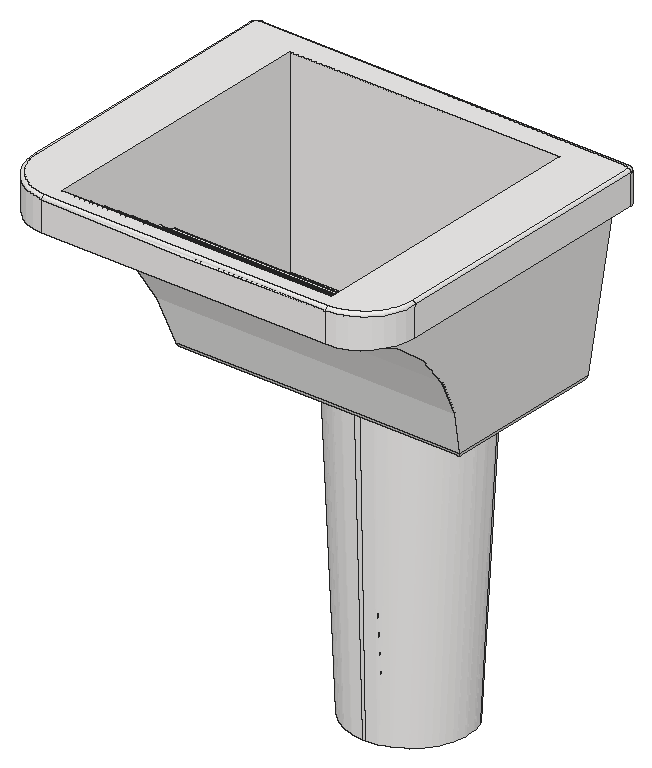
Revit family "OK-Celite_Tanque 38 Litros Grande_51266", category Plumbing Fixtures, Revit 2014
Parameters (values of type "Branco - 51266")
  Ângulo [instance] = if(Saida de esgoto na parede, 90.00°, 0.00°)  # 90.00°
  WFU = 2
  Type Comments = ""
  Saida de esgoto na parede [instance] = yes
  Raio Ponto de Esgoto = 20 mm
  Place on face [instance] = 1 = 0  # no
  Outros Complementos [instance] = "Sifão para tanque 1.1⁄4”x 1.1⁄2” e tubo de 200 mm (B5005C5CRB) + Válvula de escoamento para lavatório, 1\" sem ladrão com tampa plástica (B5828C5CR3), linha Complementos - Metais Celite"
  Louças [instance] = Celite - Louça_Branca
  Desnível Aux. Ponto de Esgoto [instance] = 50 mm
  HWFU = 0
  Diâmetro Ponto de Esgoto = Raio Ponto de Esgoto * 2  # 40 mm
  Distância Parede [instance] = 0 mm
  Tipo de Sifão [instance] = Celite_Complementos_Sifão de Uso Geral : Sifão para lavatório - B5816C5CRB
  Complemento Celite [instance] = yes
  URL = "http://www.celite.com.br"
  Selo de Qualidade ofcdesk = "Standard"  # constant formula
  Model = Celite: Código  # "51266"
  Metais [instance] = Celite - Cromado
  Manufacturer = Celite: Fabricante  # "Celite"
  Elevação somente no plano [instance] = 515 mm
  Description = Celite: Descrição  # "Tanque grande para capacidade de 38 litros, cor branca (51266), com coluna, linha Tanques - Louças Celite"
  Default Elevation = 0 mm
  Desenvolvido por = "ofcdesk"  # constant formula
  Com Válvula (quantificável) [instance] = yes
  Com Sifão (quantificável) [instance] = Saida de esgoto na parede  # yes
  Celite: Versão = "Autodesk Revit MEP 2014"  # constant formula
  Celite: Vazão de Esgoto [instance] = 0.0 L/s
  Celite: Tipo = "Tanques"  # constant formula
  Celite: Produto = "Louças"  # constant formula
  Celite: Norma = "ABNT NBR 15097-1: 2011 - Requisitos e métodos de ensaio"
  Celite: Link do Produto = "http://www.celite.com.br/pt/produtos/categoria/1/tipo/2/"
  Celite: Linha = "Tanques"  # constant formula
  Celite: Informações Técnicas [instance] = "N/A"
  Celite: Informações Gerais [instance] = "N/A"
  Celite: Fabricante = "Celite"  # constant formula
  Celite: Desenho Técnico = "http://www.celite.com.br/media/uploads/desenhos_tecnicos/51266_-_TANQUE_G__38_L_-_CATALOGO.pdf"
  Celite: Descrição = "Tanque grande para capacidade de 38 litros, cor branca (51266), com coluna, linha Tanques - Louças Celite"
  Celite: Código = "51266"
  Celite: Cores Disponíveis = "Branco"
  Celite: Copyright © = "© 2014 Celite"  # constant formula
  Celite: Complementos [instance] = if(Complemento Celite, Outros Complementos, "N/A")  # "Sifão para tanque 1.1⁄4”x 1.1⁄2” e tubo de 200 mm (B5005C5CRB) + Válvula de escoamento para lavatório, 1\" sem ladrão com tampa plástica (B5828C5CR3), linha Complementos - Metais Celite"
  Celite: Categoria = "Tanques"  # constant formula
  Celite: Altura da Peça [instance] = Elevação somente no plano  # 515 mm
  Celite: Altura Ponto de Esgoto [instance] = Altura Ponto de Esgoto  # 450 mm
  CWFU = 0
  Assembly Code = "D2010400"
  Desnível Ponto de Esgoto [instance] = if(not(Place on face), Elevação somente no plano - Altura Ponto de Esgoto, Desnível Aux. Ponto de Esgoto)  # 65 mm
  Altura Ponto de Esgoto [instance] = 450 mm
  Ajuste do Conector [instance] = if(Ângulo = 0.00°, Celite: Altura Ponto de Esgoto, Distância Parede + Distância Parede + 90 mm)  # 90 mm
Types (3, lengths in mm): name | Louças | Description | Celite: Descrição | Celite: Cores Disponíveis
  (no name) | Celite - Louça_Branca | "Tanque grande para capacidade de 38 litros, cor branca (51266), com coluna, linha Tanques - Louças Celite" | "Tanque grande para capacidade de 38 litros, cor branca (51266), com coluna, linha Tanques - Louças Celite" | "Branco"
  Branco - 51266 | Celite - Louça_Branca | "Tanque grande para capacidade de 38 litros, cor branca (51266), com coluna, linha Tanques - Louças Celite" | "Tanque grande para capacidade de 38 litros, cor branca (51266), com coluna, linha Tanques - Louças Celite" | "Branco"
  Pergamon - 51266 | Celite - Louça_Pergamon | "Tanque grande para capacidade de 38 litros, cor pergamon (51266), com coluna, linha Tanques - Louças Celite" | "Tanque grande para capacidade de 38 litros, cor pergamon (51266), com coluna, linha Tanques - Louças Celite" | "Pergamon"
Reference planes
  plane 1 "Center (Front/Back)": y = 0
  plane 2: z = 0
  plane 3 "Center (Left/Right)": x = 0
  plane 4: z = 515
  plane 5: y = 0
  plane 6: z = 450
  plane 7: y = -104
  plane 8: y = 0
  plane 9: z = 472.424
  plane 10: z = 464.131
  plane 11: z = 534.631
  plane 12: y = -489
  plane 13: y = -30
Forms (mm)
  Sweep 1, void
    path in 3D
      loop
        line (0, -104, 450) -> (0, -14, 450)
    profile origin (0, -59, 450) x (0, 0, 1) y (1, 0, 0)
      loop
        circle (0, 0) r 20
Lines and regions (mm)
  model lines, not visible
    curve 1: line (0, -104, 450) -> (0, -14, 450)
  sketch lines
    curve 2: line (0, -104, 450) -> (0, -14, 450)
Dimensions and locks
  "Elevação somente no plano": plane 4 to plane 2
  "Distância Parede": plane 1 "Center (Front/Back)" to plane 5
  "Desnível Ponto de Esgoto": plane 4 to plane 6
  plane 11 to plane 4 to plane 9 to plane 10 = 19.631 mm locked, 42.576 mm locked, 8.293 mm locked
  "Ajuste do Conector": curve 1 to curve 1
  plane 8 to plane 13 to plane 7 to plane 12 = 30 mm locked, 74 mm locked, 385 mm locked
  "Distância Parede": plane 5 to plane 8
  "Ângulo": angle curve 1 to plane 7
  aligned and locked: level to plane 2
  aligned and locked: nested 2 to plane 7
  aligned and locked: plane 1 "Center (Front/Back)" to nested 2
  aligned and locked: plane 6 to nested 2
  aligned and locked: plane 9 to nested 2
  aligned and locked: plane 6 to curve 1
  aligned and locked: plane 7 to curve 1
  aligned and locked: plane 7 to nested 1
  aligned and locked: plane 4 to nested 4
  aligned and locked: nested 4 to plane 13
  aligned and locked: nested 3 to plane 8
Automatic sketch dimensions
  profile plane to Sweep 1 sketch curve = 0 mm
  Sweep 1 sketch curve to profile plane = 0 mm
  radius of Sweep 1 sketch curve = 20 mm
Nested families
  nested 1: "Celite_Complementos_Válvula de Escoamento" at (0, -104, 534.631), Metais <- "Metais", visible <- "Com Válvula (quantificável)", type "Válvula de escoamento para lavatório - B5828C5CR3"
    with Raio2 30 mm, Raio1 16 mm, Raio furo 15 mm, Metais Celite - Cromado, L/Rosca 58.419 mm, Comprimento 70.5 mm, Celite: Norma "ABNT NBR 15423:2006 - Requisitos e métodos de ensaio"
  nested 2: "Celite_Complementos_Sifão de Uso Geral" at (0, 0, 450), visible <- "Com Sifão (quantificável)", Metais <- "Metais", Celite: Vazão de Projeto <- "Celite: Vazão de Esgoto", type "Sifão para tanque - B5005C5CRB"
    with Raio1 16 mm, Metais Celite - Cromado, Elevação 0 mm, Celite: Vazão de Projeto 0.0 L/s, Celite: Informações Técnicas "N/A", Celite: Informações Gerais "N/A", Celite: Altura da Peça 0 mm, Ajuste Vetical no Lavatório 22.424 mm, Afastamento da Parede 104 mm
  nested 3: "51266" at (0, 0, 515) x (0, -1, 0) z (0, 0, 1), Louça <- "Louças", type "51266"
  nested 4: "Celite_Coluna para Tanque_51203" at (0, -30, 0), Louças <- "Louças", type "Branco - 51203"
    with Louças Celite - Louça_Branca, Celite: Informações Técnicas "N/A", Celite: Informações Gerais "N/A", Celite: Complementos "N/A", Altura 515 mm
Connectors
  piping at (0, -14, 450), diameter 40, driven by "Raio Ponto de Esgoto", driven by "Celite: Vazão de Esgoto", driven by "WFU"
    settings: on Sweep 1, index 1, connector inside diameter 609.6 mm, connector length 0 mm, flow factor 0, pipe flow 0.0 L/s, pressure drop 0.0 kPa, fitting loss kfactor 0, connector angle 0.00°, fixture units 2, engagement length 0 mm, angle of deflection 0.00°, flow configuration 3, flow direction 2, fitting loss method 0, system type 16, joint type 0, gender type 0, connector reference index -1, connector utility 0, adjustable connector no, is connector primary yes, connector description ""
Definition of nested family "Celite_Complementos_Válvula de Escoamento"
  Parameters (values of type "Válvula de escoamento para lavatório - B5828C5CR3")
    Waste Connection = 1 = 0  # no
    WFU = 0  # constant formula
    Vent Connection = 1 = 0  # no
    URL = "http://www.celite.com.br"
    Selo de Qualidade ofcdesk = "Standard"  # constant formula
    Raio1 [instance] = 16 mm
    Raio2 [instance] = 30 mm
    Raio furo [instance] = 15 mm
    Model = Celite: Código  # "B5828C5CR3"
    Metais [instance] = Celite - Cromado
    Manufacturer = Celite: Fabricante  # "Celite"
    L/Rosca [instance] = 59.5 mm
    HWFU = 0  # constant formula
    HW Connection = 1 = 0  # no
    Desenvolvido por = "ofcdesk"  # constant formula
    Description = Celite: Descrição  # "Válvula de escoamento para lavatório, 1\" sem ladrão com tampa plástica (B5828C5CR3), Complementos - Metais Celite"
    Default Elevation = 0 mm
    Comprimento [instance] = 70.5 mm
    Celite: Versão = "Autodesk Revit MEP 2014"  # constant formula
    Celite: Tipo = "Válvulas de escoamento"  # constant formula
    Celite: Produto = "Metais"  # constant formula
    Celite: Norma [instance] = "ABNT NBR 15423:2006 - Requisitos e métodos de ensaio"
    Celite: Link do Produto = "http://www.celite.com.br/pt/produtos/categoria/2/tipo/10/subtipo/19/"
    Celite: Linha = "Válvulas"  # constant formula
    Celite: Informações Técnicas = "N/A"
    Celite: Informações Gerais = "N/A"
    Celite: Fabricante = "Celite"  # constant formula
    Celite: Desenho Técnico = "http://www.celite.com.br/media/uploads/desenhos_tecnicos/A5828C5CR3_Valvula_de_escoamento_Lavatorio.pdf"
    Celite: Descrição = "Válvula de escoamento para lavatório, 1\" sem ladrão com tampa plástica (B5828C5CR3), Complementos - Metais Celite"
    Celite: Código = "B5828C5CR3"
    Celite: Cores Disponíveis = "Cromado"
    Celite: Copyright © = "© 2014 Celite"  # constant formula
    Celite: Categoria = "Complementos"  # constant formula
    CW Connection = 1 = 0  # no
    Assembly Code = "D2010"
  Types (5, lengths in mm): name | Raio1 | Raio2 | Raio furo | Model | L/Rosca | Description | Comprimento | Celite: Desenho Técnico | Celite: Descrição | Celite: Código
    (no name) | 16 | 30 | 15 | "B5828C5CR3" | 59.5 | "Válvula de escoamento para lavatório, 1\" sem ladrão com tampa plástica (B5828C5CR3), Complementos - Metais Celite" | 70.5 | "http://www.celite.com.br/media/uploads/desenhos_tecnicos/A5828C5CR3_Valvula_de_escoamento_Lavatorio.pdf" | "Válvula de escoamento para lavatório, 1\" sem ladrão com tampa plástica (B5828C5CR3), Complementos - Metais Celite" | "B5828C5CR3"
    Válvula de escoamento para lavatório - B5828C5CR3 | 16 | 30 | 15 | "B5828C5CR3" | 59.5 | "Válvula de escoamento para lavatório, 1\" sem ladrão com tampa plástica (B5828C5CR3), Complementos - Metais Celite" | 70.5 | "http://www.celite.com.br/media/uploads/desenhos_tecnicos/A5828C5CR3_Valvula_de_escoamento_Lavatorio.pdf" | "Válvula de escoamento para lavatório, 1\" sem ladrão com tampa plástica (B5828C5CR3), Complementos - Metais Celite" | "B5828C5CR3"
    Válvula de escoamento para tanque - B5829C5CR3 | 20 | 32.8 | 18 | "B5829C5CR3" | 57 | "Válvula de escoamento para tanque (B5829C5CR3), Complementos - Metais Celite" | 65.5 | "http://www.celite.com.br/media/uploads/desenhos_tecnicos/A5829C5CR3_Valvula_de_escoamento_Tanque.pdf" | "Válvula de escoamento para tanque (B5829C5CR3), Complementos - Metais Celite" | "B5829C5CR3"
    Válvula de escoamento para cozinha - B5830C5CRB | 25 | 44 | 25 | "B5830C5CRB" | 35 | "Válvula de escoamento para cozinha, 3.1/2\" x 1.1/2\" com cesta metal (B5830C5CRB), Complementos - Metais Celite" | 45 | "http://www.celite.com.br/media/uploads/desenhos_tecnicos/A5830C5CRB_Valvula_de_escoamento_Cozinha_3-1.2.pdf" | "Válvula de escoamento para cozinha, 3.1/2\" x 1.1/2\" com cesta metal (B5830C5CRB), Complementos - Metais Celite" | "B5830C5CRB"
    Válvula de escoamento para cozinha - B5831C5CRB | 25 | 56.5 | 30 | "B5831C5CRB" | 35 | "Válvula de escoamento para cozinha, 4.1/2\" x 1.1/2\" com cesta metal (B5831C5CRB), Complementos - Metais Celite" | 49 | "http://www.celite.com.br/media/uploads/desenhos_tecnicos/A5831C5CRB_Valvula_de_escoamento_Cozinha_4-1.2.pdf" | "Válvula de escoamento para cozinha, 4.1/2\" x 1.1/2\" com cesta metal (B5831C5CRB), Complementos - Metais Celite" | "B5831C5CRB"
  Reference planes
    plane 1 "Center (Front/Back)": y = 0
    plane 2: z = 0
    plane 3 "Center (Left/Right)": x = 0
    plane 4: z = -70.5
    plane 5: z = -11
  Forms (mm)
    Extrusion 1, solid
      sketch origin (0, 0, 0) x (1, 0, 0) y (0, 1, 0)
        loop
          line (-400, 400) -> (-400, -400.224) -> (399.59, -400.224) -> (399.59, 400) -> (-400, 400)
      from 0 to -304.8
    Revolve 2, solid, material "Celite - Cromado" <- "Metais"
      sketch origin (0, 0, 0) x (1, 0, 0) y (0, 0, 1)
        loop
          line (0, -8.185) -> (-15, -8.185) -> (-15, 1) -> (-30, 1) -> (-30, 0) -> (-16, -11) -> (-16, -70.5) -> (0, -70.5) -> (0, -8.185)
        axis (0, 1) -> (0, -70.5)
      angle from 0 to 360
  Dimensions and locks
    "Comprimento": level to plane 4
    "L/Rosca": plane 5 to plane 4
    "Raio1": plane 3 "Center (Left/Right)" to Revolve 2 sketch curve
    "Raio2": plane 3 "Center (Left/Right)" to Revolve 2 sketch curve
    locked: plane 2 to Revolve 2 sketch curve at 8.185
    "Raio furo": plane 3 "Center (Left/Right)" to Revolve 2 sketch curve
    aligned and locked: plane 2 to Extrusion 1
    aligned and locked: level to Extrusion 1
    aligned and locked: Revolve 2 sketch curve to plane 3 "Center (Left/Right)"  (x2)
    aligned and locked: plane 5 to Revolve 2 sketch curve
    aligned and locked: plane 4 to Revolve 2 sketch curve
    aligned and locked: level to Revolve 2 sketch curve
  Automatic sketch dimensions
    Extrusion 1 sketch curve to Extrusion 1 sketch curve = 799.59 mm
    Extrusion 1 sketch curve to Extrusion 1 sketch curve = 800.224 mm
    Revolve 2 sketch curve to Revolve 2 sketch curve = 1 mm
    level to Revolve 2 sketch curve = 25 mm
    Revolve 2 sketch curve to Revolve 2 sketch curve = 60 mm
Definition of nested family "Celite_Complementos_Sifão de Uso Geral"
  Parameters (values of type "Sifão para cozinha - B5817C5CRB")
    WFU = 2
    URL = "http://www.celite.com.br"
    Selo de Qualidade ofcdesk = "Standard"  # constant formula
    Raio1 [instance] = 16 mm
    Raio Ponto de Esgoto = 20 mm
    Model = Celite: Código  # "B5817C5CRB"
    Metais [instance] = Celite - Cromado
    Manufacturer = Celite: Fabricante  # "Celite"
    Elevação [instance] = 680 mm
    Diâmetro Ponto de Esgoto = Raio Ponto de Esgoto * 2  # 40 mm
    Desenvolvido por = "ofcdesk"  # constant formula
    Description = Celite: Descrição  # "Sifão para cozinha 1.1⁄2”x 1.1⁄2” com tubo de 300 mm (B5817C5CRB), linha Complementos - Metais Celite"
    Default Elevation = 0 mm
    Celite: Versão = "Autodesk Revit MEP 2014"  # constant formula
    Celite: Vazão de Projeto [instance] = 0.0 L/s
    Celite: Tipo = "Sifões"  # constant formula
    Celite: Produto = "Metais"  # constant formula
    Celite: Norma = "ABNT NBR 14162:2011 - Requisitos e métodos de ensaio"
    Celite: Link do Produto = "http://www.celite.com.br/pt/produtos/categoria/2/tipo/10/subtipo/9/"
    Celite: Linha = "Complementos"  # constant formula
    Celite: Informações Técnicas [instance] = "N/A"
    Celite: Informações Gerais [instance] = "N/A"
    Celite: Fabricante = "Celite"  # constant formula
    Celite: Desenho Técnico = "http://www.celite.com.br/media/uploads/desenhos_tecnicos/A5817C5CRB.gif"
    Celite: Descrição = "Sifão para cozinha 1.1⁄2”x 1.1⁄2” com tubo de 300 mm (B5817C5CRB), linha Complementos - Metais Celite"
    Celite: Código = "B5817C5CRB"
    Celite: Cores Disponíveis = "Cromado"
    Celite: Copyright © = "© 2014 Celite"  # constant formula
    Celite: Categoria = "Cozinhas e Lavatórios"  # constant formula
    Celite: Altura da Peça [instance] = Elevação  # 680 mm
    Assembly Code = "D2010"
    Ajuste Vetical no Lavatório [instance] = 100 mm
    Afastamento da Parede [instance] = 300 mm
  Types (6, lengths in mm): name | Raio Ponto de Esgoto | Model | Diâmetro Ponto de Esgoto | Description | Celite: Desenho Técnico | Celite: Descrição | Celite: Código
    (no name) | 20 | "B5817C5CRB" | 40 | "Sifão para cozinha 1.1⁄2”x 1.1⁄2” com tubo de 300 mm (B5817C5CRB), linha Complementos - Metais Celite" | "http://www.celite.com.br/media/uploads/desenhos_tecnicos/A5817C5CRB.gif" | "Sifão para cozinha 1.1⁄2”x 1.1⁄2” com tubo de 300 mm (B5817C5CRB), linha Complementos - Metais Celite" | "B5817C5CRB"
    Sifão para lavatório - B5816C5CRB | 20 | "B5816C5CRB" | 40 | "Sifão para lavatório 1\"x1.1⁄2\" com tubo de 300 mm (B5816C5CRB), linha Complementos - Metais Celite" | "http://www.celite.com.br/media/uploads/desenhos_tecnicos/A5816C5CRB.gif" | "Sifão para lavatório 1\"x1.1⁄2\" com tubo de 300 mm (B5816C5CRB), linha Complementos - Metais Celite" | "B5816C5CRB"
    Sifão para tanque com adaptador para 2" - B5005C5CRB | 30 | "B5005C5CRB" | 60 | "Sifão para tanque 1.1⁄4”x 1.1⁄2” com adaptador para 2” e tubo de 200 mm (B5005C5CRB), linha Complementos - Metais Celite" | "http://www.celite.com.br/media/uploads/desenhos_tecnicos/A5005C5CRB.gif" | "Sifão para tanque 1.1⁄4”x 1.1⁄2” com adaptador para 2” e tubo de 200 mm (B5005C5CRB), linha Complementos - Metais Celite" | "B5005C5CRB"
    Sifão para tanque - B5005C5CRB | 20 | "B5005C5CRB" | 40 | "Sifão para tanque 1.1⁄4”x 1.1⁄2” e tubo de 200 mm (B5005C5CRB), linha Complementos - Metais Celite" | "http://www.celite.com.br/media/uploads/desenhos_tecnicos/A5005C5CRB.gif" | "Sifão para tanque 1.1⁄4”x 1.1⁄2” e tubo de 200 mm (B5005C5CRB), linha Complementos - Metais Celite" | "B5005C5CRB"
    Sifão para cozinha com adaptador para 2" - B5817C5CRB | 30 | "B5817C5CRB" | 60 | "Sifão para cozinha 1.1⁄2”x 1.1⁄2” com adaptador para 2” e tubo de 300 mm (B5817C5CRB), linha Complementos - Metais Celite" | "http://www.celite.com.br/media/uploads/desenhos_tecnicos/A5817C5CRB.gif" | "Sifão para cozinha 1.1⁄2”x 1.1⁄2” com adaptador para 2” e tubo de 300 mm (B5817C5CRB), linha Complementos - Metais Celite" | "B5817C5CRB"
    Sifão para cozinha - B5817C5CRB | 20 | "B5817C5CRB" | 40 | "Sifão para cozinha 1.1⁄2”x 1.1⁄2” com tubo de 300 mm (B5817C5CRB), linha Complementos - Metais Celite" | "http://www.celite.com.br/media/uploads/desenhos_tecnicos/A5817C5CRB.gif" | "Sifão para cozinha 1.1⁄2”x 1.1⁄2” com tubo de 300 mm (B5817C5CRB), linha Complementos - Metais Celite" | "B5817C5CRB"
  Reference planes
    plane 1 "Center (Front/Back)": y = 0
    plane 2: z = 0
    plane 3 "Center (Left/Right)": x = 0
    plane 4: y = -300
    plane 5: z = 780
    plane 6: z = 680
  Forms (mm)
    Sweep 1, solid, material "Celite - Cromado" <- "Metais"
      path origin (0, 1442.421, 680) x (0, 1, 0) y (-1, 0, 0)
        loop
          line (-1442.421, 0) -> (-1697.421, 0)
      profile origin (0, -127.5, 680) x (1, 0, 0) y (0, 0, 1)
        loop
          circle (0, 0) r 19.05
        loop
          circle (0, 0) r 16
    Revolve 2, solid, material "Celite - Cromado" <- "Metais"
      sketch origin (0, 0, 0) x (0, 1, 0) y (0, 0, 1)
        loop
          line (-255, 680) -> (-255, 701.589)
          arc (-255, 701.589) -> (-256.067, 704.702) -> (-258.821, 706.505) r 5.073
          arc (-258.821, 706.505) -> (-261.574, 706.108) -> (-263.24, 703.88) r 3.635
          line (-263.24, 703.88) -> (-265.857, 703.88) -> (-265.857, 680) -> (-255, 680)
        axis (-265.857, 680) -> (-255, 680)
      angle from 0 to 360
    SweptBlend 3, solid, material "Celite - Cromado" <- "Metais"
      path origin (0, 0, 0) x (0, 1, 0) y (0, 0, 1)
        loop
          line (-265.857, 680) -> (-300, 680)
      profile origin (0, -265.857, 680) x (0, 0, -1) y (1, 0, 0)
        loop
          circle (0, 0) r 22.486
      end profile origin (0, -300, 680) x (0, 0, -1) y (1, 0, 0)
        loop
          circle (0, 0) r 21.589
    Revolve 4, solid, material "Celite - Cromado" <- "Metais"
      sketch origin (0, 0, 0) x (0, 1, 0) y (0, 0, 1)
        loop
          line (-300, 704.157) -> (-274.606, 704.157) -> (-274.606, 707.127)
          arc (-274.606, 707.127) -> (-274.901, 707.84) -> (-275.614, 708.135) r 1.008
          line (-275.614, 708.135) -> (-282.5, 708.135) -> (-283.521, 709.156) -> (-300, 709.156) -> (-300, 704.157)
        axis (-300, 709.156) -> (-300, 704.157)
      angle from 0 to 360
    Sweep 5, solid, material "Celite - Cromado" <- "Metais"
      path origin (0, 0, 0) x (0, 1, 0) y (0, 0, 1)
        loop
          line (-300, 709.156) -> (-300, 715.122)
      profile origin (0, -300, 712.139) x (0, -1, 0) y (1, 0, 0)
        loop
          circle (0, 0) r 16.479
    Sweep 6, solid, material "Celite - Cromado" <- "Metais"
      path origin (0, 0, 0) x (0, 1, 0) y (0, 0, 1)
        loop
          line (-300, 715.122) -> (-300, 769.613)
      profile origin (0, -300, 742.368) x (0, -1, 0) y (1, 0, 0)
        loop
          circle (0, 0) r 13
    Revolve 7, solid, material "Celite - Cromado" <- "Metais"
      sketch origin (0, 0, 0) x (0, 1, 0) y (0, 0, 1)
        loop
          line (0, 699.07) -> (0, 714.571)
          arc (0, 714.571) -> (-7.459, 714.035) -> (-14.888, 713.172) r 170.27
          arc (-14.888, 713.172) -> (-16.254, 712.452) -> (-16.959, 711.077) r 2.565
          line (-16.959, 711.077) -> (-16.959, 699.07) -> (0, 699.07)
        axis (-16.959, 680) -> (0, 680)
      angle from 0 to 360
    Sweep 8, void
      path origin (0, 1442.421, 680) x (0, 1, 0) y (-1, 0, 0)
        loop
          line (-1440.976, 0) -> (-1456.552, 0)
      profile origin (0, -6.343, 680) x (1, 0, 0) y (0, 0, 1)
        loop
          circle (0, 0) r 30
    Revolve 9, solid, material "Celite - Cromado" <- "Metais"
      sketch origin (0, 0, 0) x (0, 1, 0) y (0, 0, 1)
        loop
          line (-300, 771.707) -> (-300, 769.613) -> (-281.111, 769.613) -> (-281.111, 780) -> (-284, 780) -> (-284, 771.707) -> (-300, 771.707)
        axis (-300, 780) -> (-300, 769.613)
      angle from 0 to 360
    Revolve 10, solid, material "Celite - Cromado" <- "Metais"
      sketch origin (0, 0, 0) x (0, 1, 0) y (0, 0, 1)
        loop
          line (-300, 704.157) -> (-325.394, 704.157) -> (-334.85, 649.952)
          arc (-334.85, 649.952) -> (-333.712, 646.324) -> (-330.244, 644.765) r 4.638
          line (-330.244, 644.765) -> (-328.223, 644.765) -> (-328.223, 621.563)
          arc (-328.223, 621.563) -> (-326.054, 616.326) -> (-320.818, 614.157) r 7.405
          line (-320.818, 614.157) -> (-300, 614.157) -> (-300, 704.157)
        axis (-300, 704.157) -> (-300, 614.157)
      angle from 0 to 360
  Cuts and joins
    Sweep 8 cuts Sweep 1
    joined: Sweep 1, Revolve 2, SweptBlend 3, Revolve 4, Sweep 5, Sweep 6, Revolve 9, Revolve 10
    Sweep 8 cuts Revolve 7
  Dimensions and locks
    "Ajuste Vetical no Lavatório": plane 5 to plane 6
    "Elevação": plane 6 to level
    locked: Sweep 1 sketch curve to plane 4 at 45
    Sweep 8 sketch curve to Sweep 8 sketch curve = 15.576 mm
    Revolve 7 sketch curve to Revolve 7 sketch curve to Revolve 7 sketch curve = 14.888 mm locked, 2.071 mm locked
    locked: Revolve 9 sketch curve to Revolve 9 sketch curve at 2.889
    "Raio1": Revolve 9 sketch curve to plane 4
    plane 5 to Revolve 9 sketch curve to Revolve 9 sketch curve = 8.293 mm locked, 2.093 mm locked
    Revolve 7 sketch curve to Revolve 7 sketch curve to Revolve 7 sketch curve to Revolve 7 sketch curve to plane 6 = 1.399 mm locked, 2.095 mm locked, 12.007 mm locked, 19.07 mm locked
    "Afastamento da Parede": plane 1 "Center (Front/Back)" to plane 4
    radius of Sweep 1 sketch curve = 16 mm
    radius of Revolve 7 sketch curve = 2.565 mm
    aligned and locked: level to plane 2
    aligned and locked: plane 6 to Revolve 2 sketch curve
    aligned and locked: Revolve 2 sketch curve to plane 6
    aligned and locked: SweptBlend 3 sketch curve to plane 6
    aligned and locked: Revolve 4 sketch curve to plane 4
    aligned and locked: Sweep 5 sketch curve to plane 4
    aligned and locked: Revolve 4 to Sweep 5 sketch curve
    aligned and locked: Sweep 5 sketch curve to Revolve 4  (x2)
    aligned and locked: Sweep 5 to Sweep 6 sketch curve
    aligned and locked: Sweep 6 sketch curve to plane 4
    aligned and locked: Revolve 9 sketch curve to plane 4
    aligned and locked: plane 4 to Revolve 9 sketch curve
    aligned and locked: plane 4 to Revolve 10 sketch curve
    aligned and locked: Revolve 10 sketch curve to plane 4
    aligned and locked: plane 4 to SweptBlend 3 sketch curve
    aligned and locked: cut or joined group of Sweep 1, Revolve 2, SweptBlend 3, Revolve 4, Sweep 5, Sweep 6, Sweep 8, Revolve 9, Revolve 10 to SweptBlend 3 sketch curve
    aligned and locked: plane 6 to Sweep 8 sketch curve
    aligned and locked: plane 3 "Center (Left/Right)" to Sweep 8 sketch curve
  Automatic sketch dimensions
    Sweep 1 sketch curve to plane 3 "Center (Left/Right)" = 0 mm
    Revolve 4 sketch curve to plane 4 = 0 mm
    plane 4 to Revolve 4 sketch curve = 16.479 mm
    Revolve 4 sketch curve to Revolve 4 sketch curve = 1.021 mm  (x2)
    Revolve 4 sketch curve to Revolve 4 sketch curve = 6.886 mm
    Revolve 4 sketch curve to Revolve 4 sketch curve = 1.008 mm
    plane 6 to Revolve 4 sketch curve = 22.296 mm
    Revolve 4 sketch curve to Revolve 4 sketch curve = 1.862 mm
    Revolve 4 sketch curve to Revolve 4 sketch curve = 0 mm
    Revolve 4 sketch curve to Revolve 4 sketch curve = 2.97 mm
    Sweep 6 sketch curve to plane 3 "Center (Left/Right)" = 0 mm
    Sweep 6 sketch curve to profile plane = 0 mm
    SweptBlend 3 sketch curve to plane 3 "Center (Left/Right)" = 0 mm  (x2)
    SweptBlend 3 sketch curve to profile plane = 0 mm  (x2)
    Sweep 1 sketch curve to Sweep 1 sketch curve = 0 mm  (x2)
    Sweep 1 sketch curve to plane 6 = 0 mm
    profile plane to Sweep 1 sketch curve = 0 mm
    Sweep 6 sketch curve to plane 5 = 10.387 mm
    Revolve 7 sketch curve to plane 1 "Center (Front/Back)" = 0 mm  (x2)
    Revolve 7 sketch curve to plane 6 = 0 mm
    Revolve 7 sketch curve to plane 1 "Center (Front/Back)" = 5 mm
    Sweep 5 sketch curve to Sweep 5 sketch curve = 5.967 mm
    Revolve 10 sketch curve to Revolve 10 sketch curve = 20.818 mm
    Revolve 10 sketch curve to Revolve 10 sketch curve = 25.394 mm
    Revolve 10 sketch curve to Revolve 10 sketch curve = 7.405 mm
    Revolve 10 sketch curve to Revolve 10 sketch curve = 2.021 mm
    Revolve 10 sketch curve to Revolve 10 sketch curve = 4.606 mm
    Revolve 10 sketch curve to plane 6 = 95.843 mm
    Revolve 10 sketch curve to Revolve 10 sketch curve = 20 mm
    Revolve 10 sketch curve to Revolve 10 sketch curve = 10 mm
    Revolve 10 sketch curve to Revolve 10 sketch curve = 23.202 mm
    Revolve 10 sketch curve to Revolve 10 sketch curve = 4.638 mm
    plane 6 to Revolve 10 sketch curve = 24.157 mm
    SweptBlend 3 sketch curve to SweptBlend 3 sketch curve = 0 mm  (x2)
    SweptBlend 3 sketch curve to SweptBlend 3 sketch curve = 22.486 mm
    plane 4 to Revolve 2 sketch curve = 34.143 mm
    Revolve 2 sketch curve to Revolve 2 sketch curve = 2.616 mm
    Revolve 2 sketch curve to Revolve 2 sketch curve = 3.167 mm
    Revolve 2 sketch curve to Revolve 2 sketch curve = 0.355 mm
    Revolve 2 sketch curve to Revolve 2 sketch curve = 0.897 mm
    Revolve 2 sketch curve to Revolve 2 sketch curve = 0 mm  (x2)
    Revolve 2 sketch curve to Revolve 2 sketch curve = 4.718 mm
    Revolve 2 sketch curve to Revolve 2 sketch curve = 5 mm
    plane 6 to Revolve 2 sketch curve = 21.589 mm
    Sweep 8 sketch curve to plane 3 "Center (Left/Right)" = 0 mm
    Revolve 7 sketch curve to plane 1 "Center (Front/Back)" = 8.47 mm
    plane 1 "Center (Front/Back)" to Sweep 1 sketch curve = 0 mm
    Revolve 9 sketch curve to plane 5 = 0 mm
    Revolve 9 sketch curve to plane 5 = 3.821 mm
    plane 5 to Revolve 9 sketch curve = 8.366 mm
    radius of Sweep 6 sketch curve = 13 mm
    radius of SweptBlend 3 sketch curve = 21.589 mm
    radius of Sweep 1 sketch curve = 19.05 mm
    radius of Sweep 8 sketch curve = 30 mm
  Connectors
    piping at (0, 0, 680), diameter 40, driven by "WFU", driven by "Raio Ponto de Esgoto", driven by "Celite: Vazão de Projeto"
      settings: on Sweep 1, index 1, connector inside diameter 40 mm, connector length 0 mm, flow factor 0, pipe flow 0.0 L/s, pressure drop 0.0 kPa, fitting loss kfactor 0, connector angle 0.00°, fixture units 2, engagement length 0 mm, angle of deflection 0.00°, flow configuration 3, flow direction 2, fitting loss method 0, system type 16, joint type 0, gender type 0, connector reference index -1, connector utility 0, adjustable connector no, is connector primary yes, connector description ""
Definition of nested family "51266"
  Parameters (values of type "51266")
    URL = "http://www.celite.com.br/pt/"
    Model = "51261"
    Manufacturer = "Celite ®"  # constant formula
    Louça [instance] = Celite - Louça_Branca
    Description = "Tanque Celite Tamanho G com Capacidade 38L"
  Reference planes
    plane 1 "Center (Front/Back)": y = 0
    plane 2: z = 0
    plane 3 "Center (Left/Right)": x = 0
    plane 4 "A": x = 520
    plane 5 "C": z = 0
    plane 6 "D": z = 330
    plane 7 "B b": y = 300
    plane 8 "B f": y = -300
    plane 9: x = 104
  Forms (mm)
    Extrusion 1, solid, material "Celite - Louça_Branca" <- "Louça"
      sketch origin (0, 0, 0) x (1, 0, 0) y (0, 0, 1)
        loop
          line (0, 330) -> (0, 10)
          arc (0, 10) -> (2.929, 2.929) -> (10, 0) r 10
          line (10, 0) -> (44.514, 0)
          arc (44.514, 0) -> (50.282, 1.831) -> (53.938, 6.654) r 10
          line (53.938, 6.654) -> (127.697, 214.362)
          arc (127.697, 214.362) -> (144.182, 237.129) -> (170.345, 247.404) r 50
          line (170.345, 247.404) -> (520, 278.718) -> (520, 330) -> (0, 330)
      from -300 to 300
    Extrusion 2, solid, material "Celite - Louça_Branca" <- "Louça"
      sketch origin (0, 0, 0) x (1, 0, 0) y (0, 0, 1)
        loop
          line (44.514, 0) -> (240.755, 0)
          arc (240.755, 0) -> (246.959, 2.154) -> (250.493, 7.69) r 10.01
          arc (250.493, 7.69) -> (335.894, 171.83) -> (488.655, 276.231) r 380.245
          line (488.655, 276.231) -> (170.345, 247.404)
          arc (170.345, 247.404) -> (144.182, 237.129) -> (127.697, 214.362) r 50
          line (127.697, 214.362) -> (53.938, 6.654)
          arc (53.938, 6.654) -> (50.282, 1.831) -> (44.514, 0) r 10
      from -272.5 to 272.5
    Extrusion 3, void
      sketch origin (0, 0, 0) x (0, 1, 0) y (0, 0, 1)
        loop
          line (-224.2, 8.44) -> (-266.81, 278.718) -> (-411.136, 278.718) -> (-411.136, -90.839) -> (-191.136, -90.839) -> (-191.136, 0) -> (-214.322, 0)
          arc (-214.322, 0) -> (-220.818, 2.397) -> (-224.2, 8.44) r 10
        loop
          arc (224.2, 8.44) -> (220.818, 2.397) -> (214.322, 0) r 10
          line (214.322, 0) -> (191.136, 0) -> (191.136, -90.839) -> (418.864, -90.839) -> (418.864, 278.718) -> (266.81, 278.718) -> (224.2, 8.44)
      from -100 to 600
    Extrusion 4, void
      sketch origin (0, 0, 0) x (1, 0, 0) y (0, 0, 1)
        loop
          line (40.22, 19.631) -> (219.545, 19.631) -> (267.127, 178.9)
          arc (267.127, 178.9) -> (268.925, 181.507) -> (271.929, 182.509) r 5
          line (271.929, 182.509) -> (285.046, 182.509)
          arc (285.046, 182.509) -> (287.503, 183.155) -> (289.326, 184.924) r 5
          line (289.326, 184.924) -> (296.17, 196.255)
          arc (296.17, 196.255) -> (297.768, 197.891) -> (299.927, 198.643) r 5
          line (299.927, 198.643) -> (314.236, 200.147)
          arc (314.236, 200.147) -> (316.613, 201.046) -> (318.241, 202.996) r 5
          line (318.241, 202.996) -> (323.72, 214.677)
          arc (323.72, 214.677) -> (325.348, 216.627) -> (327.724, 217.526) r 5
          line (327.724, 217.526) -> (341.7, 218.994)
          arc (341.7, 218.994) -> (344.076, 219.893) -> (345.704, 221.843) r 5
          line (345.704, 221.843) -> (351.184, 233.524)
          arc (351.184, 233.524) -> (352.812, 235.475) -> (355.188, 236.373) r 5
          line (355.188, 236.373) -> (369.164, 237.842)
          arc (369.164, 237.842) -> (371.54, 238.741) -> (373.168, 240.691) r 5
          line (373.168, 240.691) -> (378.647, 252.372)
          arc (378.647, 252.372) -> (380.275, 254.322) -> (382.651, 255.221) r 5
          line (382.651, 255.221) -> (396.627, 256.69)
          arc (396.627, 256.69) -> (399.003, 257.588) -> (400.631, 259.539) r 5
          line (400.631, 259.539) -> (406.111, 271.219)
          arc (406.111, 271.219) -> (407.739, 273.17) -> (410.115, 274.068) r 5
          line (410.115, 274.068) -> (424.091, 275.537)
          arc (424.091, 275.537) -> (426.467, 276.436) -> (428.095, 278.386) r 5
          line (428.095, 278.386) -> (433.574, 290.067)
          arc (433.574, 290.067) -> (435.202, 292.017) -> (437.579, 292.916) r 5
          line (437.579, 292.916) -> (451.554, 294.385)
          arc (451.554, 294.385) -> (453.93, 295.283) -> (455.558, 297.234) r 5
          line (455.558, 297.234) -> (461.038, 308.914)
          arc (461.038, 308.914) -> (462.666, 310.865) -> (465.042, 311.763) r 5
          line (465.042, 311.763) -> (479.018, 313.232)
          arc (479.018, 313.232) -> (481.394, 314.131) -> (483.022, 316.081) r 5
          line (483.022, 316.081) -> (530.484, 417.254) -> (40.22, 417.254) -> (40.22, 19.631)
      from -212.5 to 212.5
    Sweep 5, void
      path origin (0, 0, 330) x (0, -1, 0) y (1, 0, 0)
        loop
          arc (-300, 10) -> (-297.071, 2.929) -> (-290, 0) r 10
          line (-290, 0) -> (290, 0)
          arc (290, 0) -> (297.071, 2.929) -> (300, 10) r 10
          line (300, 10) -> (300, 434.097)
          arc (300, 434.097) -> (277.85, 489.355) -> (223.665, 514.013) r 80
          arc (223.665, 514.013) -> (0, 519.139) -> (-223.665, 514.013) r 4882.534
          arc (-223.665, 514.013) -> (-277.85, 489.355) -> (-300, 434.097) r 80
          line (-300, 434.097) -> (-300, 10)
      profile origin (0, 0, 330) x (1, 0, 0) y (0, 0, 1)
        loop
          line (-114.837, 128.083) -> (-114.837, -431.917) -> (0, -431.917) -> (0, -5)
          arc (0, -5) -> (1.464, -1.464) -> (5, 0) r 5
          line (5, 0) -> (7, 0) -> (7, 128.083) -> (-114.837, 128.083)
    Extrusion 6, void
      sketch origin (-45, 0, 0) x (0, -1, 0) y (1, 0, 0)
        loop
          circle (0, 149) r 25
      from -10 to 100
  Cuts and joins
    Extrusion 3, Extrusion 4, Sweep 5, Extrusion 6 cuts Extrusion 1
    Extrusion 3, Extrusion 4, Extrusion 6 cuts Extrusion 2
    joined: Extrusion 1, Extrusion 2
  Dimensions and locks
    equal spacing: plane 8 "B f", plane 1 "Center (Front/Back)", plane 7 "B b"
    plane 8 "B f" to plane 7 "B b" = 600 mm
    plane 3 "Center (Left/Right)" to plane 4 "A" = 520 mm
    level to plane 6 "D" = 330 mm
    locked: plane 5 "C" to plane 6 "D" at 330
    plane 6 "D" to Extrusion 1 sketch curve to Extrusion 1 sketch curve = 51.282 mm locked, 31.314 mm locked
    locked: plane 6 "D" to Extrusion 1 sketch curve at 115.638
    Extrusion 1 sketch curve to Extrusion 1 sketch curve to plane 3 "Center (Left/Right)" = 42.648 mm locked, 127.697 mm locked
    Extrusion 1 sketch curve to Extrusion 1 sketch curve to plane 5 "C" = 3.346 mm, 6.654 mm
    locked: Extrusion 1 sketch curve to plane 3 "Center (Left/Right)" at 10
    Extrusion 1 sketch curve to plane 3 "Center (Left/Right)" = 44.514 mm
    locked: Extrusion 1 sketch curve to plane 3 "Center (Left/Right)" at 53.938
    Extrusion 2 sketch curve to plane 3 "Center (Left/Right)" = 44.514 mm
    locked: plane 4 "A" to Extrusion 2 sketch curve at 279.245
    Extrusion 2 sketch curve to Extrusion 2 sketch curve to Extrusion 2 sketch curve to plane 3 "Center (Left/Right)" = 42.648 mm locked, 73.76 mm locked, 53.938 mm locked
    locked: plane 4 "A" to Extrusion 2 sketch curve at 31.345
    locked: Extrusion 2 sketch curve to plane 5 "C" at 6.654
    plane 6 "D" to Extrusion 2 sketch curve to Extrusion 2 sketch curve = 82.596 mm locked, 33.043 mm locked
    locked: plane 6 "D" to Extrusion 2 sketch curve at 53.769
    locked: plane 8 "B f" to Extrusion 2 at 27.5
    locked: Extrusion 2 to plane 7 "B b" at 27.5
    locked: Extrusion 4 sketch curve to plane 5 "C" at 19.631
    locked: Extrusion 4 sketch curve to plane 6 "D" at 87.254
    locked: Extrusion 4 sketch curve to plane 3 "Center (Left/Right)" at 40.22
    plane 6 "D" to Extrusion 4 sketch curve to Extrusion 4 sketch curve to Extrusion 4 sketch curve to Extrusion 4 sketch curve to Extrusion 4 sketch curve to Extrusion 4 sketch curve to Extrusion 4 sketch curve to Extrusion 4 sketch curve to Extrusion 4 sketch curve to Extrusion 4 sketch curve to Extrusion 4 sketch curve to Extrusion 4 sketch curve to Extrusion 4 sketch curve to Extrusion 4 sketch curve to Extrusion 4 sketch curve to Extrusion 4 sketch curve = 13.919 mm, 4.318 mm, 14.53 mm, 4.318 mm, 14.53 mm, 4.318 mm, 14.53 mm, 4.318 mm, 14.53 mm, 4.318 mm, 14.53 mm, 4.318 mm, 14.53 mm, 4.353 mm, 13.719 mm, 2.415 mm
    Extrusion 4 sketch curve to plane 4 "A" to Extrusion 4 sketch curve to Extrusion 4 sketch curve to Extrusion 4 sketch curve to Extrusion 4 sketch curve to Extrusion 4 sketch curve to Extrusion 4 sketch curve to Extrusion 4 sketch curve to Extrusion 4 sketch curve to Extrusion 4 sketch curve to Extrusion 4 sketch curve to Extrusion 4 sketch curve to Extrusion 4 sketch curve to Extrusion 4 sketch curve to Extrusion 4 sketch curve to Extrusion 4 sketch curve to Extrusion 4 sketch curve = 10.484 mm, 36.978 mm, 17.98 mm, 9.484 mm, 17.98 mm, 9.484 mm, 17.98 mm, 9.484 mm, 17.98 mm, 9.484 mm, 17.98 mm, 9.484 mm, 17.98 mm, 9.484 mm, 18.313 mm, 10.601 mm, 17.397 mm
    locked: plane 8 "B f" to Extrusion 4 at 87.5
    locked: Extrusion 4 to plane 7 "B b" at 87.5
    locked: plane 4 "A" to Extrusion 4 sketch curve at 300.455
    radius of Extrusion 1 sketch curve = 50 mm
    radius of Extrusion 1 sketch curve = 10 mm
    radius of Extrusion 2 sketch curve = 10 mm
    radius of Extrusion 2 sketch curve = 50 mm
    aligned and locked: plane 2 to level
    aligned and locked: plane 8 "B f" to Extrusion 1
    aligned and locked: plane 7 "B b" to Extrusion 1
    aligned and locked: Extrusion 1 sketch curve to plane 4 "A"
    aligned and locked: Extrusion 1 sketch curve to plane 6 "D"
    aligned and locked: Extrusion 1 sketch curve to plane 5 "C"
    aligned and locked: Extrusion 1 sketch curve to plane 3 "Center (Left/Right)"
    aligned and locked: Extrusion 3 sketch curve to plane 5 "C"
    aligned and locked: plane 5 "C" to Extrusion 3 sketch curve
    aligned and locked: Extrusion 1 to Sweep 5 sketch curve
    aligned and locked: plane 3 "Center (Left/Right)" to Sweep 5 sketch curve
    aligned and locked: Sweep 5 sketch curve to plane 8 "B f"
  Automatic sketch dimensions
    Sweep 5 sketch curve to plane 7 "B b" = 10 mm
    plane 3 "Center (Left/Right)" to Sweep 5 sketch curve = 10 mm
    Sweep 5 sketch curve to plane 1 "Center (Front/Back)" = 0 mm
    Sweep 5 sketch curve to plane 4 "A" = 5.987 mm  (x2)
    Sweep 5 sketch curve to plane 7 "B b" = 76.335 mm
    Sweep 5 sketch curve to Sweep 5 sketch curve = 0 mm
    Sweep 5 sketch curve to plane 7 "B b" = 80 mm
    Sweep 5 sketch curve to Sweep 5 sketch curve = 3.665 mm
    Sweep 5 sketch curve to plane 6 "D" = 0 mm
    profile plane to Sweep 5 sketch curve = 114.837 mm
    plane 6 "D" to Sweep 5 sketch curve = 431.917 mm
    profile plane to Sweep 5 sketch curve = 0 mm
    Sweep 5 sketch curve to profile plane = 5 mm
    Sweep 5 sketch curve to profile plane = 7 mm
    Sweep 5 sketch curve to plane 6 "D" = 128.083 mm
    Extrusion 4 sketch curve to Extrusion 4 sketch curve = 4.803 mm
    Extrusion 4 sketch curve to Extrusion 4 sketch curve = 4.28 mm
    plane 6 "D" to Extrusion 4 sketch curve = 133.745 mm
    Extrusion 4 sketch curve to Extrusion 4 sketch curve = 3.757 mm
    plane 6 "D" to Extrusion 4 sketch curve = 129.853 mm
    Extrusion 4 sketch curve to Extrusion 4 sketch curve = 4.004 mm  (x13)
    plane 6 "D" to Extrusion 4 sketch curve = 115.323 mm
    plane 6 "D" to Extrusion 4 sketch curve = 111.006 mm
    plane 6 "D" to Extrusion 4 sketch curve = 96.476 mm
    plane 6 "D" to Extrusion 4 sketch curve = 92.158 mm
    plane 6 "D" to Extrusion 4 sketch curve = 77.628 mm
    plane 6 "D" to Extrusion 4 sketch curve = 73.31 mm
    plane 6 "D" to Extrusion 4 sketch curve = 58.781 mm
    plane 6 "D" to Extrusion 4 sketch curve = 54.463 mm
    plane 6 "D" to Extrusion 4 sketch curve = 39.933 mm
    plane 6 "D" to Extrusion 4 sketch curve = 35.615 mm
    plane 6 "D" to Extrusion 4 sketch curve = 21.086 mm
    plane 6 "D" to Extrusion 4 sketch curve = 16.768 mm
    Extrusion 4 sketch curve to Extrusion 4 sketch curve = 0.523 mm  (x7)
    Extrusion 4 sketch curve to Extrusion 4 sketch curve = 4.527 mm  (x7)
    Extrusion 4 sketch curve to Extrusion 4 sketch curve = 5 mm
    plane 1 "Center (Front/Back)" to Extrusion 6 sketch curve = 0 mm
    plane 3 "Center (Left/Right)" to Extrusion 6 sketch curve = 104 mm
    plane 4 "A" to Extrusion 2 sketch curve = 100.376 mm
    plane 5 "C" to Extrusion 2 sketch curve = 80.47 mm
    Extrusion 2 sketch curve to Extrusion 2 sketch curve = 10.01 mm
    Extrusion 3 sketch curve to Extrusion 3 sketch curve = 23.186 mm  (x2)
    Extrusion 3 sketch curve to plane 8 "B f" = 33.19 mm
    plane 8 "B f" to Extrusion 3 sketch curve = 111.136 mm
    Extrusion 3 sketch curve to plane 7 "B b" = 33.19 mm
    plane 7 "B b" to Extrusion 3 sketch curve = 118.864 mm
    Extrusion 3 sketch curve to Extrusion 3 sketch curve = 90.839 mm  (x2)
    Extrusion 3 sketch curve to plane 5 "C" = 8.44 mm  (x2)
    plane 6 "D" to Extrusion 3 sketch curve = 51.282 mm  (x2)
    Extrusion 3 sketch curve to plane 8 "B f" = 75.8 mm
    Extrusion 3 sketch curve to Extrusion 3 sketch curve = 9.878 mm  (x2)
    Extrusion 3 sketch curve to plane 7 "B b" = 108.864 mm
    radius of Extrusion 6 sketch curve = 25 mm
Definition of nested family "Celite_Coluna para Tanque_51203"
  Parameters (values of type "Branco - 51203")
    WFU = 2
    Type Comments = ""
    Louças [instance] = Celite - Louça_Branca
    HWFU = 0
    URL = "http://www.celite.com.br"
    Selo de Qualidade ofcdesk = "Standard"  # constant formula
    Model = Celite: Código  # "51203"
    Manufacturer = Celite: Fabricante  # "Celite"
    Description = Celite: Descrição  # "Coluna para tanque cor branca (51203), linha Tanques - Louças Celite"
    Default Elevation = 0 mm
    Desenvolvido por = "ofcdesk"  # constant formula
    Celite: Versão = "Autodesk Revit MEP 2014"  # constant formula
    Celite: Tipo = "Colunas para tanques"  # constant formula
    Celite: Produto = "Louças"  # constant formula
    Celite: Norma = "ABNT NBR 15097-1: 2011 - Requisitos e métodos de ensaio"
    Celite: Link do Produto = "http://www.celite.com.br/pt/produtos/categoria/1/tipo/2/"
    Celite: Linha = "Tanques"  # constant formula
    Celite: Informações Técnicas [instance] = "N/A"
    Celite: Informações Gerais [instance] = "N/A"
    Celite: Fabricante = "Celite"  # constant formula
    Celite: Desenho Técnico = "http://www.celite.com.br/media/uploads/desenhos_tecnicos/51265_-_TANQUE_M_31_L_-_CATALOGO.pdf"
    Celite: Descrição = "Coluna para tanque cor branca (51203), linha Tanques - Louças Celite"
    Celite: Código = "51203"
    Celite: Cores Disponíveis = "Branco"
    Celite: Copyright © = "© 2014 Celite"  # constant formula
    Celite: Complementos [instance] = "N/A"
    Celite: Categoria = "Tanques"  # constant formula
    CWFU = 0
    Assembly Code = "D2010400"
    Altura [instance] = 515 mm
  Types (3, lengths in mm): name | Louças | Description | Celite: Descrição | Celite: Cores Disponíveis
    (no name) | Celite - Louça_Branca | "Coluna para tanque cor branca (51203), linha Tanques - Louças Celite" | "Coluna para tanque cor branca (51203), linha Tanques - Louças Celite" | "Branco"
    Branco - 51203 | Celite - Louça_Branca | "Coluna para tanque cor branca (51203), linha Tanques - Louças Celite" | "Coluna para tanque cor branca (51203), linha Tanques - Louças Celite" | "Branco"
    Pergamon - 51203 | Celite - Louça_Pergamon | "Coluna para tanque cor pergamon (51203), linha Tanques - Louças Celite" | "Coluna para tanque cor pergamon (51203), linha Tanques - Louças Celite" | "Pergamon"
  Reference planes
    plane 1 "Center (Front/Back)": y = 0
    plane 2: z = 0
    plane 3 "Center (Left/Right)": x = 0
    plane 4: z = 515
  Dimensions and locks
    "Altura": plane 4 to plane 2
    aligned and locked: level to plane 2
  Nested families
    nested 1: "51203" at (0, 81.088, 0), Altura <- "Altura", type "51203"
      with Outros Complementos "", Louças Celite - Louça_Branca, Celite: Informações Técnicas "", Celite: Informações Gerais "", Celite: Complementos "", Altura 515 mm
  Definition of nested family "51203"
    Parameters (values of type "51203")
      WFU = 0
      Type Comments = ""
      Outros Complementos [instance] = ""
      Louças [instance] = Celite - Louça_Branca
      HWFU = 0
      URL = "http://www.celite.com.br"
      Selo de Qualidade ofcdesk = "Standard"  # constant formula
      Model = Celite: Código  # ""
      Manufacturer = Celite: Fabricante  # ""
      Description = Celite: Descrição  # ""
      Default Elevation = 0 mm
      Desenvolvido por = "ofcdesk"  # constant formula
      Celite: Versão = ""
      Celite: Tipo = ""
      Celite: Produto = ""
      Celite: Norma = ""
      Celite: Link do Produto = ""
      Celite: Linha = ""
      Celite: Informações Técnicas [instance] = ""
      Celite: Informações Gerais [instance] = ""
      Celite: Fabricante = ""
      Celite: Desenho Técnico = ""
      Celite: Descrição = ""
      Celite: Código = ""
      Celite: Cores Disponíveis = ""
      Celite: Copyright © = ""
      Celite: Complementos [instance] = ""
      Celite: Categoria = ""
      CWFU = 0
      Assembly Code = "D2010400"
      Altura [instance] = 515 mm
    Reference planes
      plane 1 "Center (Front/Back)": y = -81.088
      plane 2: z = 0
      plane 3 "Center (Left/Right)": x = 0
      plane 4: z = 515
    Forms (mm)
      Blend 1, solid, material "Celite - Louça_Branca" <- "Louças"
        base sketch origin (0, 0, 0) x (1, 0, 0) y (0, 1, 0)
          loop
            line (-2.333, -209.671) -> (2.333, -209.671)
            arc (2.333, -209.671) -> (76.124, -170.506) -> (85.042, -87.443) r 89.097
            arc (85.042, -87.443) -> (76.92, -83.07) -> (71.17, -90.283) r 7.195
            arc (71.17, -90.283) -> (65.272, -161.605) -> (2.333, -195.671) r 75.175
            line (2.333, -195.671) -> (-2.333, -195.671)
            arc (-2.333, -195.671) -> (-65.272, -161.605) -> (-71.17, -90.283) r 75.175
            arc (-71.17, -90.283) -> (-76.92, -83.07) -> (-85.042, -87.443) r 7.195
            arc (-85.042, -87.443) -> (-76.124, -170.506) -> (-2.333, -209.671) r 89.097
        top sketch origin (0, 0, 0) x (1, 0, 0) y (0, 1, 0)
          loop
            arc (-116.753, -87.176) -> (-93.333, -182.357) -> (-4.783, -224.389) r 114.293
            line (-4.783, -224.389) -> (4.783, -224.389)
            arc (4.783, -224.389) -> (93.333, -182.357) -> (116.753, -87.176) r 114.293
            arc (116.753, -87.176) -> (110.117, -81.202) -> (102.454, -85.785) r 7.517
            arc (102.454, -85.785) -> (84.085, -172.079) -> (4.783, -210.748) r 100.651
            line (4.783, -210.748) -> (-4.783, -210.748)
            arc (-4.783, -210.748) -> (-84.085, -172.079) -> (-102.454, -85.785) r 100.651
            arc (-102.454, -85.785) -> (-110.117, -81.202) -> (-116.753, -87.176) r 7.517
        from 0 to 515
    Dimensions and locks
      "Altura": plane 4 to level
      aligned and locked: level to plane 2
      aligned and locked: plane 4 to Blend 1
    Automatic sketch dimensions
      Blend 1 sketch curve to Blend 1 sketch curve = 0 mm  (x9)
      plane 1 "Center (Front/Back)" to Blend 1 sketch curve = 7.596 mm  (x2)
      Blend 1 sketch curve to plane 3 "Center (Left/Right)" = 109.389 mm
      Blend 1 sketch curve to plane 3 "Center (Left/Right)" = 4.783 mm
      plane 3 "Center (Left/Right)" to Blend 1 sketch curve = 4.783 mm
      Blend 1 sketch curve to Blend 1 sketch curve = 104.606 mm
      plane 1 "Center (Front/Back)" to Blend 1 sketch curve = 29.009 mm
      plane 1 "Center (Front/Back)" to Blend 1 sketch curve = 4.697 mm
      Blend 1 sketch curve to Blend 1 sketch curve = 6.936 mm
      plane 1 "Center (Front/Back)" to Blend 1 sketch curve = 9.031 mm  (x2)
      Blend 1 sketch curve to plane 3 "Center (Left/Right)" = 78.363 mm
      Blend 1 sketch curve to plane 3 "Center (Left/Right)" = 2.333 mm  (x2)
      plane 3 "Center (Left/Right)" to Blend 1 sketch curve = 2.333 mm  (x2)
      plane 3 "Center (Left/Right)" to Blend 1 sketch curve = 78.363 mm
      plane 1 "Center (Front/Back)" to Blend 1 sketch curve = 39.408 mm
      Blend 1 sketch curve to Blend 1 sketch curve = 0.078 mm  (x2)
      Blend 1 sketch curve to Blend 1 sketch curve = 75.097 mm
      Blend 1 sketch curve to Blend 1 sketch curve = 14 mm
      Blend 1 sketch curve to Blend 1 sketch curve = 7.193 mm
